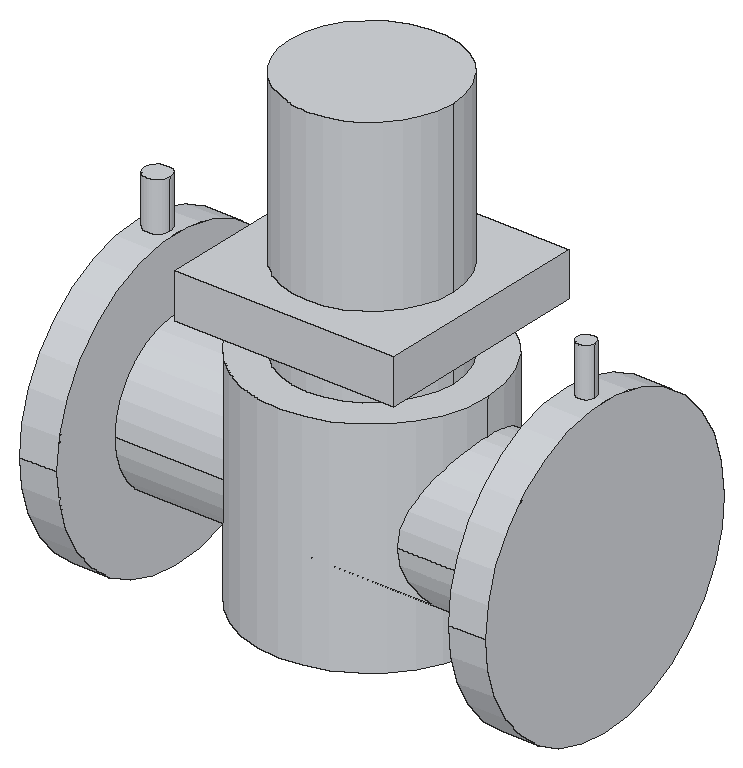
Revit family "PV_Compact_PN25_DN065_(20-100kPa)_RFA_2018", category Pipe Accessories, Revit 2018
Family settings
  Round Connector Dimension = Use Diameter
  Part Type = Valve - Breaks Into
  Work Plane-Based = No
  Always vertical = Yes
  Cut with Voids When Loaded = No
  Shared = No
Parameters (values of type "PV Compact PN25 DN065 (20-100kPa)")
  magiProductId = "130d70b5f9404660882d0b277b908a"
  magiProductFamilyId = "7c5767a2a396495b8f1e69654734b4"
  magiPartTypeId = 304
  isMeasuringValve [instance] = no
  ang2D [instance] = 0.00°
  W2D = 50 mm
  VersionID = "2.0/2018.12.13.2/FRESE_PV_COMPACT_BIG_Q13_001"
  Use Minimum Symbol Size [instance] = no
  URL = "www.hydronic.cz"
  Type Comments = "PŘÍRUBOVÝ; PN25; dpmax=1000kPa; -10~+120°C"
  R4 = 50.75 mm
  R3 = 48.1 mm
  R1 = 72.5 mm
  QmdConnectorList = "301;D;302;D"
  Productdata [instance] = ""
  Manufacturer = "Hydronic Systems Prague s.r.o."
  Maintenance Zone Under Depth [instance] = 100 mm
  Maintenance Zone Right Depth [instance] = 100 mm
  Maintenance Zone Over Depth [instance] = 100 mm
  Maintenance Zone Left Depth [instance] = 100 mm
  Maintenance Zone Front Depth [instance] = 100 mm
  Maintenance Zone Back Depth [instance] = 100 mm
  Maintenance Zone Front Visibility [instance] = no
  MC Use Limits From Balancing Method = no
  MC Throttling Minimum Value = 0
  MC Throttling Maximum Value = 0
  MC Product Code = "53-3323 DN065 PN25; nastavitelný rozsah dp=20~100kPa; Q=4,7~18,8 m3/h;  kvs=42"
  MC Pressure Drop Minimum Value = 0.0 Pa
  MC Pressure Drop Maximum Value = 0.0 Pa
  MC Piping Given Pressure Drop [instance] = 0.0 Pa
  LF__ve = -LF  # -23.2 mm
  LF2 = 11.6 mm
  LF = 23.2 mm
  L4 = 136.3 mm
  L3 = 243.6 mm
  L2D_Min = 30.48 mm
  L2D = 230 mm
  L2 = 145 mm
  H6 = 105.25 mm
  H4 = 27.75 mm
  H3 = 23.125 mm
  H2 = 69.375 mm
  H1 = 138.75 mm
  Description = "Nastavitelný regulátor tlakové diference"
  DF2 = 92.5 mm
  D = 65 mm
  Clearance Zone Height Depth [instance] = 100 mm
  Clearance Zone Circular Radius [instance] = 145 mm
  Clearance Zone Visibility [instance] = no
  CAT0 = yes
Types (7, lengths in mm): name | magiProductId | Type Comments | R4 | R3 | R1 | MC Product Code | LF__ve | LF2 | LF | L4 | L3 | L2 | H6 | H4 | H3 | H2 | H1 | DF2 | D | Clearance Zone Circular Radius
  PV Compact PN25 DN050 (20-100kPa) | "c83fbc6219d94d148ccf13b963e54b" | "PŘÍRUBOVÝ; PN25; dpmax=1000kPa; -10~+120°C" | 40.25 | 42.9 | 57.5 | "53-3320 DN050 PN25; nastavitelný rozsah dp=20~100kPa; Q=3,2~13,0 m3/h;  kvs=29" | -18.4 | 9.2 | 18.4 | 108.1 | 193.2 | 115 | 82.25 | 24.75 | 20.625 | 61.875 | 123.75 | 82.5 | 50 | 115
  PV Compact PN25 DN065 (20-100kPa) | "130d70b5f9404660882d0b277b908a" | "PŘÍRUBOVÝ; PN25; dpmax=1000kPa; -10~+120°C" | 50.75 | 48.1 | 72.5 | "53-3323 DN065 PN25; nastavitelný rozsah dp=20~100kPa; Q=4,7~18,8 m3/h;  kvs=42" | -23.2 | 11.6 | 23.2 | 136.3 | 243.6 | 145 | 105.25 | 27.75 | 23.125 | 69.375 | 138.75 | 92.5 | 65 | 145
  PV Compact PN25 DN080 (20-100kPa) | "a1826ed98cb744f2bf0249353d27a7" | "PŘÍRUBOVÝ; PN25; dpmax=1000kPa; -10~+120°C" | 54.25 | 52 | 77.5 | "53-3326 DN080 PN25; nastavitelný rozsah dp=20~100kPa; Q=7,5~30,0 m3/h;  kvs=67" | -24.8 | 12.4 | 24.8 | 145.7 | 260.4 | 155 | 141 | 30 | 25 | 75 | 150 | 100 | 80 | 155
  PV Compact PN25 DN100 (20-100kPa) | "7cf36ffc9d0642d6874cd3d421d477" | "PŘÍRUBOVÝ; PN25; dpmax=1000kPa; -10~+120°C" | 61.25 | 61.1 | 87.5 | "53-3329 DN100 PN25; nastavitelný rozsah dp=20~100kPa; Q=12,9~51,4 m3/h;  kvs=115" | -28 | 14 | 28 | 164.5 | 294 | 175 | 234.75 | 35.25 | 29.375 | 88.125 | 176.25 | 117.5 | 100 | 175
  PV Compact PN25 DN125 (20-100kPa) | "79fb1938054147a099bb761cc75d0a" | "PŘÍRUBOVÝ; PN25; dpmax=1000kPa; -10~+120°C" | 70 | 70.2 | 100 | "53-3332 DN125 PN25; nastavitelný rozsah dp=20~100kPa; Q=19,0~76,0 m3/h;  kvs=170" | -32 | 16 | 32 | 188 | 336 | 200 | 225.5 | 40.5 | 33.75 | 101.25 | 202.5 | 135 | 125 | 200
  PV Compact PN25 DN150 (20-100kPa) | "9089b5560db447c5b770287446c8b2" | "PŘÍRUBOVÝ; PN25; dpmax=1000kPa; -10~+110°C" | 84 | 74.1 | 120 | "53-3335 DN150 PN25; nastavitelný rozsah dp=20~100kPa; Q=28,0~112 m3/h;  kvs=250" | -38.4 | 19.2 | 38.4 | 225.6 | 403.2 | 240 | 256.25 | 42.75 | 35.625 | 106.875 | 213.75 | 142.5 | 150 | 240
  PV Compact PN25 DN200 (20-100kPa) | "21d4a96559b243fabb2a9fe74f4fa1" | "PŘÍRUBOVÝ; PN25; dpmax=1000kPa; -10~+110°C" | 105 | 98.8 | 150 | "53-3338 DN200 PN25; nastavitelný rozsah dp=20~100kPa; Q=30,7~123 m3/h;  kvs=275" | -48 | 24 | 48 | 282 | 504 | 300 | 150 | 57 | 47.5 | 142.5 | 285 | 190 | 200 | 300
Reference planes
  plane 1 "Center (Front/Back)": y = 0
  plane 2 "XYPLANE": z = 0
  plane 3 "Center (Left/Right)": x = 0
  plane 4 "257": y = -92.5
  plane 5 "256": y = 92.5
  plane 6 "255": z = -92.5
  plane 7 "254": y = -192.5
  plane 8 "253": y = 192.5
  plane 9 "252": x = -245
  plane 10 "251": x = 245
  plane 11 "250": z = 325.5
  plane 12 "249": z = -192.5
  plane 13 "248": z = 325.5
  plane 14 "247": z = 225.5
  plane 15 "157": x = 133.4
  plane 16 "156": x = -133.4
  plane 17 "155": z = 92.5
  plane 18 "154": z = 120.25
  plane 19 "153": z = 92.5
  plane 20 "152": z = 69.375
  plane 21 "151": x = -121.8
  plane 22 "150": z = -69.375
  plane 23 "149": x = 0
  plane 24 "148": y = 0
  plane 25 "147": z = 0
  plane 26 "146": x = -145
  plane 27 "145": x = 145
Forms (mm)
  Blend 1, solid, visible <- "Maintenance Zone Front Visibility"
    base sketch origin (-750, 0, -192.5) x (1, 0, 0) y (0, 1, 0)
      loop
        line (505, 192.5) -> (505, -192.5) -> (995, -192.5) -> (995, 192.5) -> (505, 192.5)
    top sketch origin (-750, 0, -192.5) x (1, 0, 0) y (0, 1, 0)
      loop
        line (505, 192.5) -> (505, -192.5) -> (995, -192.5) -> (995, 192.5) -> (505, 192.5)
    from 0 to 518
  Blend 2, solid, visible <- "Clearance Zone Visibility"
    base sketch origin (-750, 0, 0) x (1, 0, 0) y (0, 1, 0)
      loop
        circle (750, 0) r 145
    top sketch origin (-750, 0, 0) x (1, 0, 0) y (0, 1, 0)
      loop
        circle (750, 0) r 145
    from 0 to 325.5
  Extrusion 3, solid, visible <- "CAT0"
    sketch origin (-750, 0, 92.5) x (1, 0, 0) y (0, 1, 0)
      loop
        circle (883.4, 0) r 5.5
    from 0 to 30
  Extrusion 4, solid, visible <- "CAT0"
    sketch origin (-750, 0, 92.5) x (1, 0, 0) y (0, 1, 0)
      loop
        circle (616.6, 0) r 7.9
    from 0 to 30
  Extrusion 5, solid
    sketch origin (-750, 0, 120.25) x (1, 0, 0) y (0, 1, 0)
      loop
        circle (750, 0) r 50.75
    from 0 to 105.25 <- "H6"
  Extrusion 6, solid, visible <- "CAT0"
    sketch origin (-750, 0, 92.5) x (1, 0, 0) y (0, 1, 0)
      loop
        line (818.15, 68.15) -> (681.85, 68.15) -> (681.85, -68.15) -> (818.15, -68.15) -> (818.15, 68.15)
    from 0 to 27.75 <- "H4"
  Extrusion 7, solid, visible <- "CAT0"
    sketch origin (-750, 0, 69.375) x (1, 0, 0) y (0, 1, 0)
      loop
        circle (750, 0) r 50.75
    from 0 to 23.125 <- "H3"
  Extrusion 8, solid, visible <- "CAT0"
    sketch origin (-121.8, -750, 0) x (0, 1, 0) y (0, 0, 1)
      loop
        circle (750, 0) r 48.1
    from 0 to 243.6 <- "L3"
  Extrusion 9, solid, visible <- "CAT0"
    sketch origin (-750, 0, -69.375) x (1, 0, 0) y (0, 1, 0)
      loop
        circle (750, 0) r 72.5
    from 0 to 138.75 <- "H1"
  Extrusion 10, solid, visible <- "CAT0"
    sketch origin (-145, -750, 0) x (0, 1, 0) y (0, 0, 1)
      loop
        circle (750, 0) r 92.5
    from 0 to 23.2 <- "LF"
  Extrusion 11, solid, visible <- "CAT0"
    sketch origin (145, -750, 0) x (0, 1, 0) y (0, 0, 1)
      loop
        circle (750, 0) r 92.5
    from 0 to -23.2 <- "LF__ve"
  Extrusion 12, solid, not visible
    sketch origin (-145, -750, 0) x (0, 1, 0) y (0, 0, 1)
      loop
        circle (750, 0) r 10
    from 0 to 10
  Extrusion 13, solid, not visible
    sketch origin (145, -750, 0) x (0, 1, 0) y (0, 0, 1)
      loop
        circle (750, 0) r 10
    from 0 to -10
Lines and regions (mm)
  reference lines, not visible
    curve 1: circle (2, 2, 0) r 1 normal (0, 0, 1)
  reference lines
    curve 2: circle (0, 0, 92.5) r 1 normal (0, 0, 1)
Dimensions and locks
  plane 1 "Center (Front/Back)" to curve 1 = 2 mm
  "DF2": plane 24 "148" to plane 4 "257"
  "DF2": plane 24 "148" to plane 5 "256"
  "DF2": plane 25 "147" to plane 6 "255"
  "Maintenance Zone Front Depth": plane 4 "257" to plane 7 "254"
  "Maintenance Zone Back Depth": plane 5 "256" to plane 8 "253"
  "Maintenance Zone Left Depth": plane 26 "146" to plane 9 "252"
  "Maintenance Zone Right Depth": plane 27 "145" to plane 10 "251"
  "Maintenance Zone Over Depth": plane 14 "247" to plane 11 "250"
  "Maintenance Zone Under Depth": plane 6 "255" to plane 12 "249"
  "Clearance Zone Height Depth": plane 14 "247" to plane 13 "248"
  "H6": plane 18 "154" to plane 14 "247"
  "LF2": plane 27 "145" to plane 15 "157"
  "LF2": plane 26 "146" to plane 16 "156"
  "DF2": plane 2 "XYPLANE" to plane 17 "155"
  "H4": plane 19 "153" to plane 18 "154"
  "H3": plane 20 "152" to plane 19 "153"
  "H1": plane 22 "150" to plane 20 "152"
  "LF": plane 26 "146" to plane 21 "151"
  "H2": plane 2 "XYPLANE" to plane 22 "150"
  locked: plane 3 "Center (Left/Right)" to plane 23 "149"
  locked: plane 1 "Center (Front/Back)" to plane 24 "148"
  locked: plane 2 "XYPLANE" to plane 25 "147"
  "L2": plane 3 "Center (Left/Right)" to plane 26 "146"
  "L2": plane 3 "Center (Left/Right)" to plane 27 "145"
  Blend 1 sketch curve to Blend 1 sketch curve = 0 mm  (x16)
  equal spacing: Extrusion 6 sketch curve, curve 2, Extrusion 6 sketch curve  (x2)
  "L4": Extrusion 6 sketch curve to Extrusion 6 sketch curve  (x2)
  Extrusion 6 sketch curve to Extrusion 6 sketch curve = 0 mm  (x8)
  "Clearance Zone Circular Radius": radius of Blend 2 sketch curve  (x2)
  "R4": radius of Extrusion 5 sketch curve
  "R4": radius of Extrusion 7 sketch curve
  "R3": radius of Extrusion 8 sketch curve
  "R1": radius of Extrusion 9 sketch curve
  "DF2": radius of Extrusion 10 sketch curve
  "DF2": radius of Extrusion 11 sketch curve
  aligned and locked: level to plane 2 "XYPLANE"
  aligned and locked: Blend 1 sketch curve to plane 8 "253"  (x2)
  aligned and locked: plane 9 "252" to Blend 1 sketch curve  (x4)
  aligned and locked: plane 10 "251" to Blend 1 sketch curve  (x4)
  aligned and locked: plane 8 "253" to Blend 1 sketch curve  (x2)
  aligned and locked: plane 7 "254" to Blend 1 sketch curve  (x4)
  aligned and locked: plane 11 "250" to Blend 1
  aligned and locked: plane 23 "149" to Blend 2 sketch curve  (x2)
  aligned and locked: plane 24 "148" to Blend 2 sketch curve  (x2)
  aligned and locked: plane 13 "248" to Blend 2
  aligned and locked: plane 15 "157" to Extrusion 3 sketch curve
  aligned and locked: plane 24 "148" to Extrusion 3 sketch curve
  aligned and locked: plane 16 "156" to Extrusion 4 sketch curve
  aligned and locked: plane 24 "148" to Extrusion 4 sketch curve
  aligned and locked: plane 23 "149" to Extrusion 5 sketch curve
  aligned and locked: plane 24 "148" to Extrusion 5 sketch curve
  aligned and locked: plane 23 "149" to curve 2
  aligned and locked: plane 24 "148" to curve 2
  aligned and locked: plane 23 "149" to Extrusion 7 sketch curve
  aligned and locked: plane 24 "148" to Extrusion 7 sketch curve
  aligned and locked: Extrusion 8 sketch curve to plane 24 "148"
  aligned and locked: plane 25 "147" to Extrusion 8 sketch curve
  aligned and locked: plane 23 "149" to Extrusion 9 sketch curve
  aligned and locked: plane 24 "148" to Extrusion 9 sketch curve
  aligned and locked: Extrusion 10 sketch curve to plane 24 "148"
  aligned and locked: plane 25 "147" to Extrusion 10 sketch curve
  aligned and locked: Extrusion 11 sketch curve to plane 24 "148"
  aligned and locked: plane 25 "147" to Extrusion 11 sketch curve
  aligned and locked: Extrusion 12 sketch curve to plane 24 "148"
  aligned and locked: plane 25 "147" to Extrusion 12 sketch curve
  aligned and locked: Extrusion 13 sketch curve to plane 24 "148"
  aligned and locked: plane 25 "147" to Extrusion 13 sketch curve
Automatic sketch dimensions
  Extrusion 3 sketch curve to plane 15 "157" = 5.5 mm
  plane 26 "146" to Extrusion 4 sketch curve = 3.7 mm
  plane 1 "Center (Front/Back)" to Extrusion 12 sketch curve = 10 mm
  plane 1 "Center (Front/Back)" to Extrusion 13 sketch curve = 10 mm
  plane 3 "Center (Left/Right)" to curve 1 = 2 mm
  plane 21 "151" to Extrusion 6 sketch curve = 53.65 mm
  plane 4 "257" to Extrusion 6 sketch curve = 24.35 mm
  radius of curve 2 = 1 mm
  radius of curve 1 = 1 mm
Connectors
  piping at (-145, 0, 0), diameter 65, driven by "D"
    settings: on Extrusion 12, index 1, connector inside diameter 609.6 mm, connector length 0 mm, flow factor 0, pipe flow 0.0 L/s, pressure drop 0.0 Pa, fitting loss kfactor 0, connector angle 0.00°, fixture units 0, engagement length 0 mm, angle of deflection 0.00°, flow configuration 0, flow direction 0, fitting loss method 0, system type 29, joint type 0, gender type 0, connector reference index 2, connector utility 0, adjustable connector no, is connector primary yes, connector description ""
  piping at (145, 0, 0), diameter 65, driven by "D"
    settings: on Extrusion 13, index 2, connector inside diameter 609.6 mm, connector length 0 mm, flow factor 0, pipe flow 0.0 L/s, pressure drop 0.0 Pa, fitting loss kfactor 0, connector angle 0.00°, fixture units 0, engagement length 0 mm, angle of deflection 0.00°, flow configuration 0, flow direction 0, fitting loss method 0, system type 29, joint type 0, gender type 0, connector reference index 1, connector utility 0, adjustable connector no, is connector primary no, connector description ""
